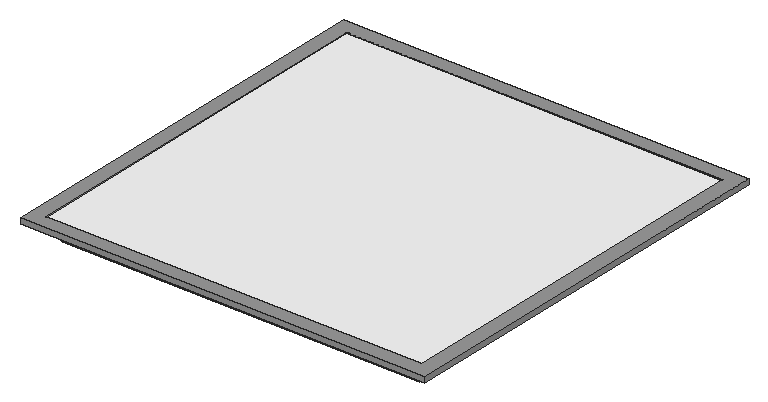
Revit family "0047035", category Lighting Fixtures, host Face, Revit 2017
Family settings
  Host = Face
  Round Connector Dimension = Use Diameter
  Part Type = Normal
  OmniClass Number = 23.80.70.00
  OmniClass Title = Lighting
  Cut with Voids When Loaded = No
  Light Source = Yes
  Shared = No
  Room Calculation Point = No
Parameters (values of type "0048400 START ECO PANEL 600X600 3200LM 830 LILO")
  Weight = "kg"
  Wattage Comments = ""
  Wattage = 36 W
  WarrantyStartDate [instance] = "n/a"
  WarrantyGuarantorParts = "n/a"
  WarrantyDurationUnit = "n/a"
  WarrantyDurationParts = "n/a"
  WarrantyDescription = "n/a"
  built-in parameter 1150110 = 1 (stored number, unit not read)
  Voltage = 230 V
  URL = "http://www.sylvania-lighting.com"
  TypeName = "START ECO PANEL 600X600 3200LM 830 LILO"
  Type Image = <None>
  Type Comments = "n/a"
  built-in parameter 1114217 = 1 (stored number, unit not read)
  Tilt Angle = -90.00°
  built-in parameter 1150109 = 1 (stored number, unit not read)
  built-in parameter 1150134 = (empty or 0)
  built-in parameter 1150113 = 1 (stored number, unit not read)
  SerialNumber [instance] = "n/a"
  Photometric Web File = "0048400.ies"
  Material_3_SYL = none
  PowerFactor = 0.95
  PowerConsumption = "36 W"
  NominalLength = 595 mm
  NominalHeight = 34 mm
  NominalDepth = 595 mm
  Name = "START ECO PANEL 600X600 3200LM 830 LILO"
  ModelReference = Name  # "START ECO PANEL 600X600 3200LM 830 LILO"
  ModelNumber = "0048400"
  Model = Name  # "START ECO PANEL 600X600 3200LM 830 LILO"
  Material = "al 6063 housing, ps diffuser"
  ManufacturerName = "Feilo Sylvania"
  Manufacturer = "Feilo Sylvania"
  LuminousEfficacy = "89 lm/W"
  built-in parameter 1150105 = 254.97 (stored number, unit not read)
  Lumens = 3204 lm
  LuminaireType = ""
  built-in parameter 1150115 = 1 (stored number, unit not read)
  LightOutputRatio = "n/a"
  built-in parameter 1150137 = (empty or 0)
  built-in parameter 1150139 = (empty or 0)
  LampsType = Lamp  # "LED"
  LampNominalLuminous = "3200 lm"
  LampMacAdamStep = "6"
  LampColourTemperature = "3000 K"
  LampColourRenderingIndex = "80"
  built-in parameter 1150112 = 1 (stored number, unit not read)
  built-in parameter 1150114 = 1 (stored number, unit not read)
  Lamp = "LED"
  Keynote = "16500"
  InstallationDate [instance] = "n/a"
  InputVoltage = "n/a"
  InputNominalFrequency = "n/a"
  built-in parameter 1150132 = (empty or 0)
  built-in parameter 1150102 = (empty or 0)
  built-in parameter 1150107 = 3000 (stored number, unit not read)
  built-in parameter 1150138 = (empty or 0)
  IngressProtection = "IP40/20"
  ImpactProtectionIndex = "IK03"
  built-in parameter 1150106 = 2.5497 (stored number, unit not read)
  IfcExportType = "IfcLightFixtureType"
  IfcExportAs = "IfcLightFixtureType"
  Emit from Rectangle Width = 553 mm
  Emit from Rectangle Length = 553 mm
  Emit Shape Visible in Rendering = no
  ElectricShockClassification = "Class II"
  built-in parameter 1150104 = 8.2684 (stored number, unit not read)
  DocumentationLiterature = "http://www.sylvania-lighting.com/product/en-int/products/0048400"
  DimmingControlOptions = "n/a"
  Material_2_SYL = LED
  Dimming Lamp Color Temperature Shift = <None>
  Description = ""
  Default Elevation = 1219.2 mm
  CreatedOn = "6/25/2019"
  CreatedBy = "@sylvania-lighting.com"
  Cost = 0
  Color Filter = 16777215
  built-in parameter 1114216 [instance] = (empty or 0)
  ClassificationValue = "EF_70_80"
  ClassificationName = "Uniclass2015"
  Material_1_SYL = PC/ABS Plastic
  BarCode [instance] = "n/a"
  built-in parameter 1114218 = 1 (stored number, unit not read)
  built-in parameter 1150133 = 10 (stored number, unit not read)
  AssetType = "Fixed"
  AssetIdentifier [instance] = "n/a"
  Assembly Code = "D5020200"
  Apparent Load = 36 VA
  Material_4_SYL = none
Reference planes
  plane 1 "Center (Front/Back)": y = 0
  plane 2: z = 0
  plane 3 "Center (Left/Right)": x = 0
  plane 4: z = 8
  plane 5: z = -26
  plane 6: z = -56
  plane 7: x = 297.5
  plane 8: x = -297.5
  plane 9: y = 297.5
  plane 10: y = -297.5
  plane 11: y = 276.5
  plane 12: y = -276.5
  plane 13: x = -276.5
  plane 14: x = 276.5
  plane 15: x = -275
  plane 16: x = 275
  plane 17: y = -275
  plane 18: y = 275
  plane 19: x = 263
  plane 20: x = -263
  plane 21: y = -263
  plane 22: y = 263
  plane 23: z = 7
  plane 24: z = -100
Forms (mm)
  Extrusion 1, void
    sketch origin (0, 0, 0) x (1, 0, 0) y (0, 1, 0)
      loop
        line (-275, 275) -> (-275, -275) -> (275, -275) -> (275, 275) -> (-275, 275)
    from 0 to -100
  Extrusion 2, solid, material "PC/ABS Plastic" <- "Material_1_SYL"
    sketch origin (0, 0, 0) x (1, 0, 0) y (0, 1, 0)
      loop
        line (-297.5, -297.5) -> (297.5, -297.5) -> (297.5, 297.5) -> (-297.5, 297.5) -> (-297.5, -297.5)
    from 0 to 8
  Extrusion 3, void
    sketch origin (1223.4, -4572, 8) x (-1, 0, 0) y (0, -1, 0)
      loop
        line (1499.9, -4848.5) -> (1499.9, -4295.5) -> (946.9, -4295.5) -> (946.9, -4848.5) -> (1499.9, -4848.5)
    from 0 to -1
  Blend 4, solid, material "PC/ABS Plastic" <- "Material_1_SYL"
    base sketch origin (0, 0, 0) x (1, 0, 0) y (0, 1, 0)
      loop
        line (-275, -275) -> (275, -275) -> (275, 275) -> (-275, 275) -> (-275, -275)
    top sketch origin (0, 0, 0) x (1, 0, 0) y (0, 1, 0)
      loop
        line (-263, -263) -> (263, -263) -> (263, 263) -> (-263, 263) -> (-263, -263)
    from 0 to -26
Cuts and joins
  Extrusion 3 cuts Extrusion 2
Dimensions and locks
  equal spacing: plane 8, plane 3 "Center (Left/Right)", plane 7
  locked: plane 8 to plane 7 at 595
  equal spacing: plane 10, plane 1 "Center (Front/Back)", plane 9
  locked: plane 10 to plane 9 at 595
  equal spacing: plane 13, plane 3 "Center (Left/Right)", plane 14
  locked: plane 13 to plane 14 at 553
  equal spacing: plane 12, plane 1 "Center (Front/Back)", plane 11
  locked: plane 12 to plane 11 at 553
  equal spacing: plane 17, plane 1 "Center (Front/Back)", plane 18
  locked: plane 17 to plane 18 at 550
  equal spacing: plane 15, plane 3 "Center (Left/Right)", plane 16
  locked: plane 15 to plane 16 at 550
  equal spacing: plane 21, plane 1 "Center (Front/Back)", plane 22
  locked: plane 21 to plane 22 at 526
  equal spacing: plane 20, plane 3 "Center (Left/Right)", plane 19
  locked: plane 20 to plane 19 at 526
  locked: plane 4 to plane 23 at 1
  locked: plane 4 to plane 2 at 8
  plane 2 to plane 5 to plane 6 = 26 mm locked, 30 mm locked
  locked: plane 2 to plane 24 at 100
  aligned and locked: plane 2 to host face
  aligned and locked: level to host face
  aligned and locked: plane 18 to Extrusion 1 sketch curve
  aligned and locked: plane 15 to Extrusion 1 sketch curve
  aligned and locked: Extrusion 1 sketch curve to plane 17
  aligned and locked: Extrusion 1 sketch curve to plane 16
  aligned and locked: level to Extrusion 1
  aligned and locked: plane 10 to Extrusion 2 sketch curve
  aligned and locked: Extrusion 2 sketch curve to plane 8
  aligned and locked: Extrusion 2 sketch curve to plane 9
  aligned and locked: plane 7 to Extrusion 2 sketch curve
  aligned and locked: Extrusion 2 to level
  aligned and locked: Extrusion 2 to plane 4
  aligned and locked: plane 11 to Extrusion 3 sketch curve
  aligned and locked: plane 13 to Extrusion 3 sketch curve
  aligned and locked: Extrusion 3 sketch curve to plane 12
  aligned and locked: Extrusion 3 sketch curve to plane 14
  aligned and locked: plane 23 to Extrusion 3
  aligned and locked: Extrusion 3 to plane 4
  aligned and locked: plane 17 to Blend 4 sketch curve
  aligned and locked: Blend 4 sketch curve to plane 15
  aligned and locked: Blend 4 sketch curve to plane 18
  aligned and locked: plane 16 to Blend 4 sketch curve
  aligned and locked: plane 21 to Blend 4 sketch curve
  aligned and locked: Blend 4 sketch curve to plane 20
  aligned and locked: Blend 4 sketch curve to plane 22
  aligned and locked: plane 19 to Blend 4 sketch curve
  aligned and locked: plane 5 to Blend 4
  aligned and locked: level to Blend 4
  aligned and locked: Extrusion 1 to plane 24
  aligned and locked: imposter light to plane 23
  aligned and locked: plane 3 "Center (Left/Right)" to imposter light
  aligned and locked: imposter light to plane 1 "Center (Front/Back)"
Automatic sketch dimensions
  host sketch curve to host sketch curve = 800 mm  (x2)
Connectors
  electrical at (0, 0, 8), driven by "Voltage", driven by "Apparent Load", driven by "PowerFactor"
    settings: on cut or joined group of Extrusion 2, Extrusion 3, index 1, voltage 230 V, apparent load 36 VA, apparent load phase1 0 VA, apparent load phase2 0 VA, apparent load phase3 0 VA, power factor 0.95, load classification "Other", number of poles 1, system type 30, power factor state 1, is connector primary yes, connector utility no, sub classification motor no, connector description ""
